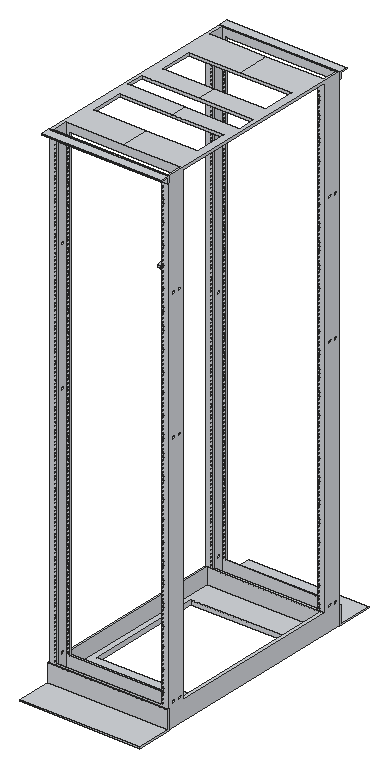
Revit family (continued)
Forms (in)
  Extrusion 83, void
    sketch origin (0, 0, -73.5) x (1, 0, 0) y (0, 0, 1)
      loop
        line (-9.175, 51.354) -> (-9.264, 51.354) -> (-9.264, 51.265) -> (-9.264, 51.176) -> (-9.175, 51.176) -> (-9.086, 51.176) -> (-9.086, 51.354) -> (-9.175, 51.354)
      loop
        line (9.175, 52.604) -> (9.086, 52.604) -> (9.086, 52.426) -> (9.175, 52.426) -> (9.264, 52.426) -> (9.264, 52.515) -> (9.264, 52.604) -> (9.175, 52.604)
      loop
        line (9.175, 51.979) -> (9.086, 51.979) -> (9.086, 51.801) -> (9.175, 51.801) -> (9.264, 51.801) -> (9.264, 51.89) -> (9.264, 51.979) -> (9.175, 51.979)
      loop
        line (9.175, 51.354) -> (9.086, 51.354) -> (9.086, 51.176) -> (9.175, 51.176) -> (9.264, 51.176) -> (9.264, 51.265) -> (9.264, 51.354) -> (9.175, 51.354)
    from 0 to 36
  Extrusion 84, void
    sketch origin (0, 0, -75.25) x (1, 0, 0) y (0, 0, 1)
      loop
        line (-9.175, 52.604) -> (-9.264, 52.604) -> (-9.264, 52.515) -> (-9.264, 52.426) -> (-9.175, 52.426) -> (-9.086, 52.426) -> (-9.086, 52.604) -> (-9.175, 52.604)
      loop
        line (-9.175, 51.979) -> (-9.264, 51.979) -> (-9.264, 51.89) -> (-9.264, 51.801) -> (-9.175, 51.801) -> (-9.086, 51.801) -> (-9.086, 51.979) -> (-9.175, 51.979)
      loop
        line (-9.175, 51.354) -> (-9.264, 51.354) -> (-9.264, 51.265) -> (-9.264, 51.176) -> (-9.175, 51.176) -> (-9.086, 51.176) -> (-9.086, 51.354) -> (-9.175, 51.354)
      loop
        line (9.175, 52.604) -> (9.086, 52.604) -> (9.086, 52.426) -> (9.175, 52.426) -> (9.264, 52.426) -> (9.264, 52.515) -> (9.264, 52.604) -> (9.175, 52.604)
      loop
        line (9.175, 51.979) -> (9.086, 51.979) -> (9.086, 51.801) -> (9.175, 51.801) -> (9.264, 51.801) -> (9.264, 51.89) -> (9.264, 51.979) -> (9.175, 51.979)
      loop
        line (9.175, 51.354) -> (9.086, 51.354) -> (9.086, 51.176) -> (9.175, 51.176) -> (9.264, 51.176) -> (9.264, 51.265) -> (9.264, 51.354) -> (9.175, 51.354)
    from 0 to 36
  Extrusion 85, void
    sketch origin (0, 0, -77) x (1, 0, 0) y (0, 0, 1)
      loop
        line (-9.175, 52.604) -> (-9.264, 52.604) -> (-9.264, 52.515) -> (-9.264, 52.426) -> (-9.175, 52.426) -> (-9.086, 52.426) -> (-9.086, 52.604) -> (-9.175, 52.604)
      loop
        line (-9.175, 51.979) -> (-9.264, 51.979) -> (-9.264, 51.89) -> (-9.264, 51.801) -> (-9.175, 51.801) -> (-9.086, 51.801) -> (-9.086, 51.979) -> (-9.175, 51.979)
      loop
        line (-9.175, 51.354) -> (-9.264, 51.354) -> (-9.264, 51.265) -> (-9.264, 51.176) -> (-9.175, 51.176) -> (-9.086, 51.176) -> (-9.086, 51.354) -> (-9.175, 51.354)
      loop
        line (9.175, 52.604) -> (9.086, 52.604) -> (9.086, 52.426) -> (9.175, 52.426) -> (9.264, 52.426) -> (9.264, 52.515) -> (9.264, 52.604) -> (9.175, 52.604)
      loop
        line (9.175, 51.979) -> (9.086, 51.979) -> (9.086, 51.801) -> (9.175, 51.801) -> (9.264, 51.801) -> (9.264, 51.89) -> (9.264, 51.979) -> (9.175, 51.979)
      loop
        line (9.175, 51.354) -> (9.086, 51.354) -> (9.086, 51.176) -> (9.175, 51.176) -> (9.264, 51.176) -> (9.264, 51.265) -> (9.264, 51.354) -> (9.175, 51.354)
    from 0 to 36
  Extrusion 86, void
    sketch origin (0, 0, -78.75) x (1, 0, 0) y (0, 0, 1)
      loop
        line (-9.175, 52.604) -> (-9.264, 52.604) -> (-9.264, 52.515) -> (-9.264, 52.426) -> (-9.175, 52.426) -> (-9.086, 52.426) -> (-9.086, 52.604) -> (-9.175, 52.604)
      loop
        line (-9.175, 51.979) -> (-9.264, 51.979) -> (-9.264, 51.89) -> (-9.264, 51.801) -> (-9.175, 51.801) -> (-9.086, 51.801) -> (-9.086, 51.979) -> (-9.175, 51.979)
      loop
        line (-9.175, 51.354) -> (-9.264, 51.354) -> (-9.264, 51.265) -> (-9.264, 51.176) -> (-9.175, 51.176) -> (-9.086, 51.176) -> (-9.086, 51.354) -> (-9.175, 51.354)
      loop
        line (9.175, 52.604) -> (9.086, 52.604) -> (9.086, 52.426) -> (9.175, 52.426) -> (9.264, 52.426) -> (9.264, 52.515) -> (9.264, 52.604) -> (9.175, 52.604)
      loop
        line (9.175, 51.979) -> (9.086, 51.979) -> (9.086, 51.801) -> (9.175, 51.801) -> (9.264, 51.801) -> (9.264, 51.89) -> (9.264, 51.979) -> (9.175, 51.979)
      loop
        line (9.175, 51.354) -> (9.086, 51.354) -> (9.086, 51.176) -> (9.175, 51.176) -> (9.264, 51.176) -> (9.264, 51.265) -> (9.264, 51.354) -> (9.175, 51.354)
    from 0 to 36
  Extrusion 87, void
    sketch origin (0, 0, -80.5) x (1, 0, 0) y (0, 0, 1)
      loop
        line (-9.175, 52.604) -> (-9.264, 52.604) -> (-9.264, 52.515) -> (-9.264, 52.426) -> (-9.175, 52.426) -> (-9.086, 52.426) -> (-9.086, 52.604) -> (-9.175, 52.604)
      loop
        line (-9.175, 51.979) -> (-9.264, 51.979) -> (-9.264, 51.89) -> (-9.264, 51.801) -> (-9.175, 51.801) -> (-9.086, 51.801) -> (-9.086, 51.979) -> (-9.175, 51.979)
      loop
        line (-9.175, 51.354) -> (-9.264, 51.354) -> (-9.264, 51.265) -> (-9.264, 51.176) -> (-9.175, 51.176) -> (-9.086, 51.176) -> (-9.086, 51.354) -> (-9.175, 51.354)
      loop
        line (9.175, 52.604) -> (9.086, 52.604) -> (9.086, 52.426) -> (9.175, 52.426) -> (9.264, 52.426) -> (9.264, 52.515) -> (9.264, 52.604) -> (9.175, 52.604)
      loop
        line (9.175, 51.979) -> (9.086, 51.979) -> (9.086, 51.801) -> (9.175, 51.801) -> (9.264, 51.801) -> (9.264, 51.89) -> (9.264, 51.979) -> (9.175, 51.979)
      loop
        line (9.175, 51.354) -> (9.086, 51.354) -> (9.086, 51.176) -> (9.175, 51.176) -> (9.264, 51.176) -> (9.264, 51.265) -> (9.264, 51.354) -> (9.175, 51.354)
    from 0 to 36
  Extrusion 88, void
    sketch origin (0, 0, -82.25) x (1, 0, 0) y (0, 0, 1)
      loop
        line (-9.175, 52.604) -> (-9.264, 52.604) -> (-9.264, 52.515) -> (-9.264, 52.426) -> (-9.175, 52.426) -> (-9.086, 52.426) -> (-9.086, 52.604) -> (-9.175, 52.604)
      loop
        line (-9.175, 51.979) -> (-9.264, 51.979) -> (-9.264, 51.89) -> (-9.264, 51.801) -> (-9.175, 51.801) -> (-9.086, 51.801) -> (-9.086, 51.979) -> (-9.175, 51.979)
      loop
        line (-9.175, 51.354) -> (-9.264, 51.354) -> (-9.264, 51.265) -> (-9.264, 51.176) -> (-9.175, 51.176) -> (-9.086, 51.176) -> (-9.086, 51.354) -> (-9.175, 51.354)
      loop
        line (9.175, 52.604) -> (9.086, 52.604) -> (9.086, 52.426) -> (9.175, 52.426) -> (9.264, 52.426) -> (9.264, 52.515) -> (9.264, 52.604) -> (9.175, 52.604)
      loop
        line (9.175, 51.979) -> (9.086, 51.979) -> (9.086, 51.801) -> (9.175, 51.801) -> (9.264, 51.801) -> (9.264, 51.89) -> (9.264, 51.979) -> (9.175, 51.979)
      loop
        line (9.175, 51.354) -> (9.086, 51.354) -> (9.086, 51.176) -> (9.175, 51.176) -> (9.264, 51.176) -> (9.264, 51.265) -> (9.264, 51.354) -> (9.175, 51.354)
    from 0 to 36
  Extrusion 89, void
    sketch origin (0, 0, -84) x (1, 0, 0) y (0, 0, 1)
      loop
        line (-9.175, 52.604) -> (-9.264, 52.604) -> (-9.264, 52.515) -> (-9.264, 52.426) -> (-9.175, 52.426) -> (-9.086, 52.426) -> (-9.086, 52.604) -> (-9.175, 52.604)
      loop
        line (-9.175, 51.979) -> (-9.264, 51.979) -> (-9.264, 51.89) -> (-9.264, 51.801) -> (-9.175, 51.801) -> (-9.086, 51.801) -> (-9.086, 51.979) -> (-9.175, 51.979)
      loop
        line (-9.175, 51.354) -> (-9.264, 51.354) -> (-9.264, 51.265) -> (-9.264, 51.176) -> (-9.175, 51.176) -> (-9.086, 51.176) -> (-9.086, 51.354) -> (-9.175, 51.354)
      loop
        line (9.175, 52.604) -> (9.086, 52.604) -> (9.086, 52.426) -> (9.175, 52.426) -> (9.264, 52.426) -> (9.264, 52.515) -> (9.264, 52.604) -> (9.175, 52.604)
      loop
        line (9.175, 51.979) -> (9.086, 51.979) -> (9.086, 51.801) -> (9.175, 51.801) -> (9.264, 51.801) -> (9.264, 51.89) -> (9.264, 51.979) -> (9.175, 51.979)
      loop
        line (9.175, 51.354) -> (9.086, 51.354) -> (9.086, 51.176) -> (9.175, 51.176) -> (9.264, 51.176) -> (9.264, 51.265) -> (9.264, 51.354) -> (9.175, 51.354)
    from 0 to 36
  Extrusion 90, void
    sketch origin (0, 0, -85.75) x (1, 0, 0) y (0, 0, 1)
      loop
        line (-9.175, 52.604) -> (-9.264, 52.604) -> (-9.264, 52.515) -> (-9.264, 52.426) -> (-9.175, 52.426) -> (-9.086, 52.426) -> (-9.086, 52.604) -> (-9.175, 52.604)
      loop
        line (-9.175, 51.979) -> (-9.264, 51.979) -> (-9.264, 51.89) -> (-9.264, 51.801) -> (-9.175, 51.801) -> (-9.086, 51.801) -> (-9.086, 51.979) -> (-9.175, 51.979)
      loop
        line (-9.175, 51.354) -> (-9.264, 51.354) -> (-9.264, 51.265) -> (-9.264, 51.176) -> (-9.175, 51.176) -> (-9.086, 51.176) -> (-9.086, 51.354) -> (-9.175, 51.354)
      loop
        line (9.175, 52.604) -> (9.086, 52.604) -> (9.086, 52.426) -> (9.175, 52.426) -> (9.264, 52.426) -> (9.264, 52.515) -> (9.264, 52.604) -> (9.175, 52.604)
      loop
        line (9.175, 51.979) -> (9.086, 51.979) -> (9.086, 51.801) -> (9.175, 51.801) -> (9.264, 51.801) -> (9.264, 51.89) -> (9.264, 51.979) -> (9.175, 51.979)
      loop
        line (9.175, 51.354) -> (9.086, 51.354) -> (9.086, 51.176) -> (9.175, 51.176) -> (9.264, 51.176) -> (9.264, 51.265) -> (9.264, 51.354) -> (9.175, 51.354)
    from 0 to 36
  Extrusion 91, void
    sketch origin (0, 0, -87.5) x (1, 0, 0) y (0, 0, 1)
      loop
        line (-9.175, 52.604) -> (-9.264, 52.604) -> (-9.264, 52.515) -> (-9.264, 52.426) -> (-9.175, 52.426) -> (-9.086, 52.426) -> (-9.086, 52.604) -> (-9.175, 52.604)
      loop
        line (-9.175, 51.979) -> (-9.264, 51.979) -> (-9.264, 51.89) -> (-9.264, 51.801) -> (-9.175, 51.801) -> (-9.086, 51.801) -> (-9.086, 51.979) -> (-9.175, 51.979)
      loop
        line (-9.175, 51.354) -> (-9.264, 51.354) -> (-9.264, 51.265) -> (-9.264, 51.176) -> (-9.175, 51.176) -> (-9.086, 51.176) -> (-9.086, 51.354) -> (-9.175, 51.354)
      loop
        line (9.175, 52.604) -> (9.086, 52.604) -> (9.086, 52.426) -> (9.175, 52.426) -> (9.264, 52.426) -> (9.264, 52.515) -> (9.264, 52.604) -> (9.175, 52.604)
      loop
        line (9.175, 51.979) -> (9.086, 51.979) -> (9.086, 51.801) -> (9.175, 51.801) -> (9.264, 51.801) -> (9.264, 51.89) -> (9.264, 51.979) -> (9.175, 51.979)
      loop
        line (9.175, 51.354) -> (9.086, 51.354) -> (9.086, 51.176) -> (9.175, 51.176) -> (9.264, 51.176) -> (9.264, 51.265) -> (9.264, 51.354) -> (9.175, 51.354)
    from 0 to 36
  Extrusion 92, void
    sketch origin (0, 0, -89.25) x (1, 0, 0) y (0, 0, 1)
      loop
        line (-9.175, 52.604) -> (-9.264, 52.604) -> (-9.264, 52.515) -> (-9.264, 52.426) -> (-9.175, 52.426) -> (-9.086, 52.426) -> (-9.086, 52.604) -> (-9.175, 52.604)
      loop
        line (-9.175, 51.979) -> (-9.264, 51.979) -> (-9.264, 51.89) -> (-9.264, 51.801) -> (-9.175, 51.801) -> (-9.086, 51.801) -> (-9.086, 51.979) -> (-9.175, 51.979)
      loop
        line (-9.175, 51.354) -> (-9.264, 51.354) -> (-9.264, 51.265) -> (-9.264, 51.176) -> (-9.175, 51.176) -> (-9.086, 51.176) -> (-9.086, 51.354) -> (-9.175, 51.354)
      loop
        line (9.175, 52.604) -> (9.086, 52.604) -> (9.086, 52.426) -> (9.175, 52.426) -> (9.264, 52.426) -> (9.264, 52.515) -> (9.264, 52.604) -> (9.175, 52.604)
      loop
        line (9.175, 51.979) -> (9.086, 51.979) -> (9.086, 51.801) -> (9.175, 51.801) -> (9.264, 51.801) -> (9.264, 51.89) -> (9.264, 51.979) -> (9.175, 51.979)
      loop
        line (9.175, 51.354) -> (9.086, 51.354) -> (9.086, 51.176) -> (9.175, 51.176) -> (9.264, 51.176) -> (9.264, 51.265) -> (9.264, 51.354) -> (9.175, 51.354)
    from 0 to 36
  Extrusion 93, void
    sketch origin (0, 0, -91) x (1, 0, 0) y (0, 0, 1)
      loop
        line (-9.175, 52.604) -> (-9.264, 52.604) -> (-9.264, 52.515) -> (-9.264, 52.426) -> (-9.175, 52.426) -> (-9.086, 52.426) -> (-9.086, 52.604) -> (-9.175, 52.604)
      loop
        line (-9.175, 51.979) -> (-9.264, 51.979) -> (-9.264, 51.89) -> (-9.264, 51.801) -> (-9.175, 51.801) -> (-9.086, 51.801) -> (-9.086, 51.979) -> (-9.175, 51.979)
      loop
        line (-9.175, 51.354) -> (-9.264, 51.354) -> (-9.264, 51.265) -> (-9.264, 51.176) -> (-9.175, 51.176) -> (-9.086, 51.176) -> (-9.086, 51.354) -> (-9.175, 51.354)
      loop
        line (9.175, 52.604) -> (9.086, 52.604) -> (9.086, 52.426) -> (9.175, 52.426) -> (9.264, 52.426) -> (9.264, 52.515) -> (9.264, 52.604) -> (9.175, 52.604)
      loop
        line (9.175, 51.979) -> (9.086, 51.979) -> (9.086, 51.801) -> (9.175, 51.801) -> (9.264, 51.801) -> (9.264, 51.89) -> (9.264, 51.979) -> (9.175, 51.979)
      loop
        line (9.175, 51.354) -> (9.086, 51.354) -> (9.086, 51.176) -> (9.175, 51.176) -> (9.264, 51.176) -> (9.264, 51.265) -> (9.264, 51.354) -> (9.175, 51.354)
    from 0 to 36
  Extrusion 94, void
    sketch origin (0, 0, -92.75) x (1, 0, 0) y (0, 0, 1)
      loop
        line (-9.175, 52.604) -> (-9.264, 52.604) -> (-9.264, 52.515) -> (-9.264, 52.426) -> (-9.175, 52.426) -> (-9.086, 52.426) -> (-9.086, 52.604) -> (-9.175, 52.604)
      loop
        line (-9.175, 51.979) -> (-9.264, 51.979) -> (-9.264, 51.89) -> (-9.264, 51.801) -> (-9.175, 51.801) -> (-9.086, 51.801) -> (-9.086, 51.979) -> (-9.175, 51.979)
      loop
        line (-9.175, 51.354) -> (-9.264, 51.354) -> (-9.264, 51.265) -> (-9.264, 51.176) -> (-9.175, 51.176) -> (-9.086, 51.176) -> (-9.086, 51.354) -> (-9.175, 51.354)
      loop
        line (9.175, 52.604) -> (9.086, 52.604) -> (9.086, 52.426) -> (9.175, 52.426) -> (9.264, 52.426) -> (9.264, 52.515) -> (9.264, 52.604) -> (9.175, 52.604)
      loop
        line (9.175, 51.979) -> (9.086, 51.979) -> (9.086, 51.801) -> (9.175, 51.801) -> (9.264, 51.801) -> (9.264, 51.89) -> (9.264, 51.979) -> (9.175, 51.979)
      loop
        line (9.175, 51.354) -> (9.086, 51.354) -> (9.086, 51.176) -> (9.175, 51.176) -> (9.264, 51.176) -> (9.264, 51.265) -> (9.264, 51.354) -> (9.175, 51.354)
    from 0 to 36
  Extrusion 95, void
    sketch origin (0, 0, -94.5) x (1, 0, 0) y (0, 0, 1)
      loop
        line (-9.175, 52.604) -> (-9.264, 52.604) -> (-9.264, 52.515) -> (-9.264, 52.426) -> (-9.175, 52.426) -> (-9.086, 52.426) -> (-9.086, 52.604) -> (-9.175, 52.604)
      loop
        line (-9.175, 51.979) -> (-9.264, 51.979) -> (-9.264, 51.89) -> (-9.264, 51.801) -> (-9.175, 51.801) -> (-9.086, 51.801) -> (-9.086, 51.979) -> (-9.175, 51.979)
      loop
        line (-9.175, 51.354) -> (-9.264, 51.354) -> (-9.264, 51.265) -> (-9.264, 51.176) -> (-9.175, 51.176) -> (-9.086, 51.176) -> (-9.086, 51.354) -> (-9.175, 51.354)
      loop
        line (9.175, 52.604) -> (9.086, 52.604) -> (9.086, 52.426) -> (9.175, 52.426) -> (9.264, 52.426) -> (9.264, 52.515) -> (9.264, 52.604) -> (9.175, 52.604)
      loop
        line (9.175, 51.979) -> (9.086, 51.979) -> (9.086, 51.801) -> (9.175, 51.801) -> (9.264, 51.801) -> (9.264, 51.89) -> (9.264, 51.979) -> (9.175, 51.979)
      loop
        line (9.175, 51.354) -> (9.086, 51.354) -> (9.086, 51.176) -> (9.175, 51.176) -> (9.264, 51.176) -> (9.264, 51.265) -> (9.264, 51.354) -> (9.175, 51.354)
    from 0 to 36
  Extrusion 96, void
    sketch origin (0, 0, -96.25) x (1, 0, 0) y (0, 0, 1)
      loop
        line (-9.175, 52.604) -> (-9.264, 52.604) -> (-9.264, 52.515) -> (-9.264, 52.426) -> (-9.175, 52.426) -> (-9.086, 52.426) -> (-9.086, 52.604) -> (-9.175, 52.604)
      loop
        line (-9.175, 51.979) -> (-9.264, 51.979) -> (-9.264, 51.89) -> (-9.264, 51.801) -> (-9.175, 51.801) -> (-9.086, 51.801) -> (-9.086, 51.979) -> (-9.175, 51.979)
      loop
        line (-9.175, 51.354) -> (-9.264, 51.354) -> (-9.264, 51.265) -> (-9.264, 51.176) -> (-9.175, 51.176) -> (-9.086, 51.176) -> (-9.086, 51.354) -> (-9.175, 51.354)
      loop
        line (9.175, 52.604) -> (9.086, 52.604) -> (9.086, 52.426) -> (9.175, 52.426) -> (9.264, 52.426) -> (9.264, 52.515) -> (9.264, 52.604) -> (9.175, 52.604)
      loop
        line (9.175, 51.979) -> (9.086, 51.979) -> (9.086, 51.801) -> (9.175, 51.801) -> (9.264, 51.801) -> (9.264, 51.89) -> (9.264, 51.979) -> (9.175, 51.979)
      loop
        line (9.175, 51.354) -> (9.086, 51.354) -> (9.086, 51.176) -> (9.175, 51.176) -> (9.264, 51.176) -> (9.264, 51.265) -> (9.264, 51.354) -> (9.175, 51.354)
    from 0 to 36
  Extrusion 97, void
    sketch origin (0, 0, -98) x (1, 0, 0) y (0, 0, 1)
      loop
        line (-9.175, 52.604) -> (-9.264, 52.604) -> (-9.264, 52.515) -> (-9.264, 52.426) -> (-9.175, 52.426) -> (-9.086, 52.426) -> (-9.086, 52.604) -> (-9.175, 52.604)
      loop
        line (-9.175, 51.979) -> (-9.264, 51.979) -> (-9.264, 51.89) -> (-9.264, 51.801) -> (-9.175, 51.801) -> (-9.086, 51.801) -> (-9.086, 51.979) -> (-9.175, 51.979)
      loop
        line (-9.175, 51.354) -> (-9.264, 51.354) -> (-9.264, 51.265) -> (-9.264, 51.176) -> (-9.175, 51.176) -> (-9.086, 51.176) -> (-9.086, 51.354) -> (-9.175, 51.354)
      loop
        line (9.175, 52.604) -> (9.086, 52.604) -> (9.086, 52.426) -> (9.175, 52.426) -> (9.264, 52.426) -> (9.264, 52.515) -> (9.264, 52.604) -> (9.175, 52.604)
      loop
        line (9.175, 51.979) -> (9.086, 51.979) -> (9.086, 51.801) -> (9.175, 51.801) -> (9.264, 51.801) -> (9.264, 51.89) -> (9.264, 51.979) -> (9.175, 51.979)
      loop
        line (9.175, 51.354) -> (9.086, 51.354) -> (9.086, 51.176) -> (9.175, 51.176) -> (9.264, 51.176) -> (9.264, 51.265) -> (9.264, 51.354) -> (9.175, 51.354)
    from 0 to 36
  Extrusion 98, void
    sketch origin (0, 0, -99.75) x (1, 0, 0) y (0, 0, 1)
      loop
        line (-9.175, 52.604) -> (-9.264, 52.604) -> (-9.264, 52.515) -> (-9.264, 52.426) -> (-9.175, 52.426) -> (-9.086, 52.426) -> (-9.086, 52.604) -> (-9.175, 52.604)
      loop
        line (-9.175, 51.979) -> (-9.264, 51.979) -> (-9.264, 51.89) -> (-9.264, 51.801) -> (-9.175, 51.801) -> (-9.086, 51.801) -> (-9.086, 51.979) -> (-9.175, 51.979)
      loop
        line (-9.175, 51.354) -> (-9.264, 51.354) -> (-9.264, 51.265) -> (-9.264, 51.176) -> (-9.175, 51.176) -> (-9.086, 51.176) -> (-9.086, 51.354) -> (-9.175, 51.354)
      loop
        line (9.175, 52.604) -> (9.086, 52.604) -> (9.086, 52.426) -> (9.175, 52.426) -> (9.264, 52.426) -> (9.264, 52.515) -> (9.264, 52.604) -> (9.175, 52.604)
      loop
        line (9.175, 51.979) -> (9.086, 51.979) -> (9.086, 51.801) -> (9.175, 51.801) -> (9.264, 51.801) -> (9.264, 51.89) -> (9.264, 51.979) -> (9.175, 51.979)
      loop
        line (9.175, 51.354) -> (9.086, 51.354) -> (9.086, 51.176) -> (9.175, 51.176) -> (9.264, 51.176) -> (9.264, 51.265) -> (9.264, 51.354) -> (9.175, 51.354)
    from 0 to 36
  Extrusion 99, void
    sketch origin (0, 0, -101.5) x (1, 0, 0) y (0, 0, 1)
      loop
        line (-9.175, 52.604) -> (-9.264, 52.604) -> (-9.264, 52.515) -> (-9.264, 52.426) -> (-9.175, 52.426) -> (-9.086, 52.426) -> (-9.086, 52.604) -> (-9.175, 52.604)
      loop
        line (-9.175, 51.979) -> (-9.264, 51.979) -> (-9.264, 51.89) -> (-9.264, 51.801) -> (-9.175, 51.801) -> (-9.086, 51.801) -> (-9.086, 51.979) -> (-9.175, 51.979)
      loop
        line (-9.175, 51.354) -> (-9.264, 51.354) -> (-9.264, 51.265) -> (-9.264, 51.176) -> (-9.175, 51.176) -> (-9.086, 51.176) -> (-9.086, 51.354) -> (-9.175, 51.354)
      loop
        line (9.175, 52.604) -> (9.086, 52.604) -> (9.086, 52.426) -> (9.175, 52.426) -> (9.264, 52.426) -> (9.264, 52.515) -> (9.264, 52.604) -> (9.175, 52.604)
      loop
        line (9.175, 51.979) -> (9.086, 51.979) -> (9.086, 51.801) -> (9.175, 51.801) -> (9.264, 51.801) -> (9.264, 51.89) -> (9.264, 51.979) -> (9.175, 51.979)
      loop
        line (9.175, 51.354) -> (9.086, 51.354) -> (9.086, 51.176) -> (9.175, 51.176) -> (9.264, 51.176) -> (9.264, 51.265) -> (9.264, 51.354) -> (9.175, 51.354)
    from 0 to 36
Cuts and joins
  Extrusion 3, Extrusion 4, Extrusion 5, Extrusion 6, Extrusion 8, Extrusion 9, Extrusion 10, Extrusion 11, Extrusion 12, Extrusion 13, Extrusion 14, Extrusion 15, Extrusion 16, Extrusion 17, Extrusion 18, Extrusion 19, Extrusion 20, Extrusion 21, Extrusion 22, Extrusion 23, Extrusion 24, Extrusion 25, Extrusion 26, Extrusion 27, Extrusion 28, Extrusion 29, Extrusion 30, Extrusion 31, Extrusion 32, Extrusion 33, Extrusion 34, Extrusion 35, Extrusion 36, Extrusion 37, Extrusion 38, Extrusion 39, Extrusion 40, Extrusion 41, Extrusion 42, Extrusion 43, Extrusion 44, Extrusion 45, Extrusion 46, Extrusion 47, Extrusion 48, Extrusion 49, Extrusion 50, Extrusion 51, Extrusion 52, Extrusion 53, Extrusion 54, Extrusion 55, Extrusion 56, Extrusion 57, Extrusion 58, Extrusion 59, Extrusion 60, Extrusion 61, Extrusion 62, Extrusion 63, Extrusion 64, Extrusion 65, Extrusion 66, Extrusion 67, Extrusion 68, Extrusion 69, Extrusion 70, Extrusion 71, Extrusion 72, Extrusion 73, Extrusion 74, Extrusion 75, Extrusion 76, Extrusion 77, Extrusion 78, Extrusion 79, Extrusion 80, Extrusion 81, Extrusion 82, Extrusion 83, Extrusion 84, Extrusion 85, Extrusion 86, Extrusion 87, Extrusion 88, Extrusion 89, Extrusion 90, Extrusion 91, Extrusion 92, Extrusion 93, Extrusion 94, Extrusion 95, Extrusion 96, Extrusion 97, Extrusion 98, Extrusion 99 cuts Extrusion 2
  Extrusion 8, Extrusion 9, Extrusion 10, Extrusion 11, Extrusion 12, Extrusion 13, Extrusion 14, Extrusion 15, Extrusion 16, Extrusion 17, Extrusion 18, Extrusion 19, Extrusion 20, Extrusion 21, Extrusion 22, Extrusion 23, Extrusion 24, Extrusion 25, Extrusion 26, Extrusion 27, Extrusion 28, Extrusion 29, Extrusion 30, Extrusion 31, Extrusion 32, Extrusion 33, Extrusion 34, Extrusion 35, Extrusion 36, Extrusion 37, Extrusion 38, Extrusion 39, Extrusion 40, Extrusion 41, Extrusion 42, Extrusion 43, Extrusion 44, Extrusion 45, Extrusion 46, Extrusion 47, Extrusion 48, Extrusion 49, Extrusion 50, Extrusion 51, Extrusion 52, Extrusion 53, Extrusion 54, Extrusion 55, Extrusion 56, Extrusion 57, Extrusion 58, Extrusion 59, Extrusion 60, Extrusion 61, Extrusion 62, Extrusion 63, Extrusion 64, Extrusion 65, Extrusion 66, Extrusion 67, Extrusion 68, Extrusion 69, Extrusion 70, Extrusion 71, Extrusion 72, Extrusion 73, Extrusion 74, Extrusion 75, Extrusion 76, Extrusion 77, Extrusion 78, Extrusion 79, Extrusion 80, Extrusion 81, Extrusion 82, Extrusion 83, Extrusion 84, Extrusion 85, Extrusion 86, Extrusion 87, Extrusion 88, Extrusion 89, Extrusion 90, Extrusion 91, Extrusion 92, Extrusion 93, Extrusion 94, Extrusion 95, Extrusion 96, Extrusion 97, Extrusion 98, Extrusion 99 cuts Extrusion 7
Dimensions and locks (in)
  equal spacing: group 45, group 46, group 47, group 48, group 49, group 50, group 51, group 52, group 53, group 54, group 55, group 56, group 57, group 58, group 59, group 60, group 61, group 62, group 63, group 64, group 65, group 66, group 67, group 68, group 69, group 70, group 71, group 72, group 73, group 74, group 75, group 76, group 77, group 78, group 79, group 80, group 81, group 82, group 83, group 84, group 85, group 86, group 87, group 88, group 89  (x2)
  equal spacing: group 89, group 88, group 87, group 86, group 85, group 84, group 83, group 82, group 81, group 80, group 79, group 78, group 77, group 76, group 75, group 74, group 73, group 72, group 71, group 70, group 69, group 68, group 67, group 66, group 65, group 64, group 63, group 62, group 61, group 60, group 59, group 58, group 57, group 56, group 55, group 54, group 53, group 52, group 51, group 50, group 49, group 48, group 47, group 46, group 45
